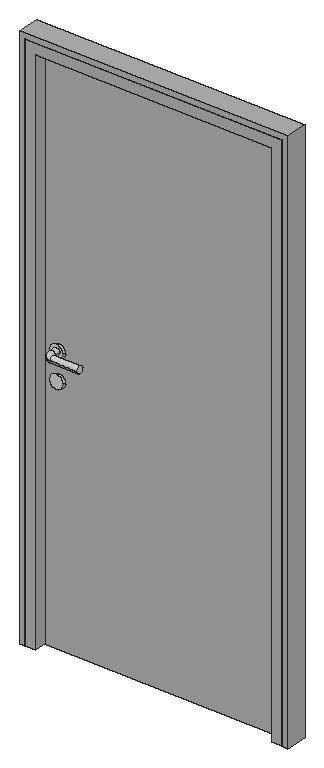
Revit family "kapelli-classik-gladkaya-belaya", category Двери, Revit 2017
Family settings
  Основа = Стена
  Номер OmniClass = 23.30.10.00
  Заголовок OmniClass = Doors
  Всегда вертикально = Да
  При загрузке вырезать с полостями = Нет
  Общий = Нет
  Точка расчета площади = Нет
Parameters (values of type "900х2000 левая")
  Функция = Наружные слои
  Угол плане 30 [instance] = yes
  Тип полотна двери = АС_АР_Дверь_Панель_Полотно : Глухое
  Сопротивление теплопередаче = 1.1510 (m²·K)/W  # constant formula
  Ручка двери = АС_Металл_KAPELLI
  Рама двери.Ширина справа = 50 mm
  Рама двери.Ширина слева = 50 mm
  Рама двери.Ширина внизу = 50 mm
  Рама двери.Ширина вверху = 50 mm
  Рама двери = АС_Двери_Панели_KAPELLI
  Полотно.Ширина = 900 mm
  Полотно.Толщина = 38 mm  # constant formula
  Полотно.Высота = 2000 mm  # constant formula
  Откосы.Ширина [instance] = 520 mm
  Fire Rating = ""
  Обозначение = "KAPELLI classic Гладкая белая"
  Наличник двери = АС_Двери_Панели_KAPELLI
  Наименование = "ДГ 21-10Л"
  Монтажный зазор.Верх [instance] = 20 mm
  Коробка.Ширина = 30 mm  # constant formula
  Коробка.Глубина = 80 mm
  Правая = no
  Полотно двери = АС_Двери_Панели_KAPELLI
  Наличник.Ширина [instance] = 70 mm  # constant formula
  Наличник.Толщина [instance] = 9 mm  # constant formula
  Наличник снаружи [instance] = no
  Наличник внутри [instance] = no
  Монтажный зазор.Боковой [instance] = 20 mm
  Звукоизоляция (дБ) = 33.3  # constant formula
  Вставка.Глубина [instance] = 0 mm
  Левая = not(Правая)  # yes
  Огибание наружных слоев [instance] = 0 mm
  Width [instance] = Rough Width + Монтажный зазор.Боковой * 2  # 1000 mm
  Thickness = Полотно.Толщина  # 38 mm
  Rough Width = Полотно.Ширина + Коробка.Ширина * 2  # 960 mm
  Rough Height = Полотно.Высота + Коробка.Ширина  # 2030 mm
  Model = ""
  Manufacturer = ""
  Wall Closure = (empty or 0)
  Height [instance] = Rough Height + Монтажный зазор.Верх  # 2050 mm
  Описание = "KAPELLI classic Гладкая белая"  # constant formula
  Тип конструкций = "Дверь композитная"
  Водопоглащение (%) = 0.213  # constant formula
  Вес в сборе (кг) = 21.9
  Аналитическая конструкция = "<Нет>"
Types (8, lengths in mm): name | Полотно.Ширина | Наименование | Монтажный зазор.Верх | Правая | Левая | Width | Rough Width | Height | Вес в сборе (кг)
  600х2000 левая | 600 | "ДГ 21-7Л" | 30 | no | yes | 700 | 660 | 2060 | 18.3
  600х2000 | 600 | "ДГ 21-7" | 20 | yes | no | 700 | 660 | 2050 | 18.3
  700х2000 левая | 700 | "ДГ 21-8Л" | 20 | no | yes | 800 | 760 | 2050 | 19.5
  700х2000 | 700 | "ДГ 21-8" | 20 | yes | no | 800 | 760 | 2050 | 19.5
  800х2000 левая | 800 | "ДГ 21-9Л" | 20 | no | yes | 900 | 860 | 2050 | 20.7
  800х2000 | 800 | "ДГ 21-9" | 20 | yes | no | 900 | 860 | 2050 | 20.7
  900х2000 левая | 900 | "ДГ 21-10Л" | 20 | no | yes | 1000 | 960 | 2050 | 21.9
  900х2000 | 900 | "ДГ 21-10" | 20 | yes | no | 1000 | 960 | 2050 | 21.9
Reference planes
  plane 1: y = 0
  plane 2 "По центру (Влево/Вправо)": x = 0
  plane 3 "Слева": x = -500
  plane 4 "Справа": x = 500
  plane 5: z = 2050
  plane 6 "Наружный": y = 300
  plane 7 "Внутренние": y = -300
  plane 8 "Вставка двери": y = 300
  plane 9 "Четверть сверху": z = 1900
  plane 10 "Полотно двери": y = 262
  plane 11 "Рама внутри": y = 220
  plane 12 "Монтажный зазор слева": x = -480
  plane 13 "Монтажный зазор справа": x = 480
  plane 14 "Монтажный зазор сверху": z = 2030
  plane 15 "Глубина огибания наружного слоя": y = 300
  plane 16: y = 309
  plane 17: y = -309
  plane 18: x = -450
  plane 19: x = 450
  plane 20: z = 1000
  plane 21 "Верх полотна": z = 2000
Forms (mm)
  Sweep 1, solid, material "АС_Двери_Панели_KAPELLI" <- "Наличник двери", visible <- "Наличник снаружи", detail levels fine
    path origin (0, 300, 0) x (1, 0, 0) y (0, 0, 1)
      loop
        line (-500, 0) -> (-500, 2050) -> (500, 2050) -> (500, 0)
    profile origin (-500, 300, 1025) x (-1, 0, 0) y (0, -1, 0)
      loop
        line (-20, 0) -> (-20, -4)
        arc (-20, -4) -> (-18.536, -7.536) -> (-15, -9) r 5
        line (-15, -9) -> (45, -9)
        arc (45, -9) -> (48.536, -7.536) -> (50, -4) r 5
        line (50, -4) -> (50, 0) -> (-20, 0)
  Sweep 2, solid, material "АС_Двери_Панели_KAPELLI" <- "Наличник двери", visible <- "Наличник внутри", detail levels fine
    path origin (0, -300, 0) x (1, 0, 0) y (0, 0, 1)
      loop
        line (-500, 0) -> (-500, 2050) -> (500, 2050) -> (500, 0)
    profile origin (-500, -300, 1025) x (-1, 0, 0) y (0, -1, 0)
      loop
        line (-20, 0) -> (50, 0) -> (50, 4)
        arc (50, 4) -> (48.536, 7.536) -> (45, 9) r 5
        line (45, 9) -> (-15, 9)
        arc (-15, 9) -> (-18.536, 7.536) -> (-20, 4) r 5
        line (-20, 4) -> (-20, 0)
  Sweep 3, solid, material "АС_Двери_Панели_KAPELLI" <- "Рама двери", detail levels medium+fine
    path origin (0, 300, 0) x (-1, 0, 0) y (0, 0, 1)
      loop
        line (480, 0) -> (480, 2030) -> (-480, 2030) -> (-480, 0)
    profile origin (480, 300, 1015) x (0, 1, 0) y (-1, 0, 0)
      loop
        line (0, 0) -> (0, 30) -> (-38, 30) -> (-38, 40) -> (-80, 40) -> (-80, 0) -> (0, 0)
  Sweep 4, solid, material "АС_Двери_Панели_KAPELLI" <- "Наличник двери", visible <- "Наличник внутри", detail levels fine
    path origin (0, 220, 0) x (-1, 0, 0) y (0, 0, 1)
      loop
        line (500, 0) -> (500, 2050) -> (-500, 2050) -> (-500, 0)
    profile origin (-500, 220, 1025) x (1, 0, 0) y (0, 1, 0)
      loop
        line (0, -524) -> (20, -524) -> (20, 0) -> (0, 0) -> (0, -524)
  Sweep 5, solid, material "АС_Двери_Панели_KAPELLI" <- "Наличник двери", visible <- "Наличник снаружи", detail levels fine
    path origin (0, 300, 0) x (-1, 0, 0) y (0, 0, 1)
      loop
        line (500, 0) -> (500, 2050) -> (-500, 2050) -> (-500, 0)
    profile origin (500, 300, 1025) x (0, 1, 0) y (-1, 0, 0)
      loop
        line (4, 0) -> (4, 20) -> (0, 20) -> (0, 0) -> (4, 0)
  Extrusion 6, solid, material "АС_Двери_Панели_KAPELLI" <- "Рама двери", detail levels medium+fine
    sketch origin (-2514.822, 300, 1200) x (-1, 0, 0) y (0, 0, 1)
      loop
        line (-3014.822, 850) -> (-3014.822, -1200) -> (-2994.822, -1200) -> (-2994.822, 830) -> (-2034.822, 830) -> (-2034.822, -1200) -> (-2014.822, -1200) -> (-2014.822, 850) -> (-3014.822, 850)
    from 0 to -80
  Extrusion 7, solid, material "АС_Двери_Панели_KAPELLI" <- "Полотно двери", detail levels coarse
    sketch origin (0, 0, 0) x (1, 0, 0) y (0, 1, 0)
      loop
        line (-500, 300) -> (-500, 220) -> (500, 220) -> (500, 300) -> (-500, 300)
    from 0 to 2050
Cuts and joins
  joined: Sweep 2, Sweep 4
  joined: Sweep 1, Sweep 5
Lines and regions (mm)
  Masking region 1, detail levels fine
    outline origin (0, 0, 0) x (0, 1, 0) y (0, 0, 1)
      loop
        line (220, 1990) -> (262, 1990) -> (262, 2000) -> (300, 2000) -> (300, 2030) -> (220, 2030) -> (220, 1990)
  Masking region 2, detail levels fine
    outline origin (0, 0, 0) x (0, 1, 0) y (0, 0, 1)
      loop
        line (300, 2030) -> (300, 2050) -> (220, 2050) -> (220, 2030) -> (300, 2030)
  Masking region 3, detail levels fine
    outline origin (0, 0, 0) x (0, 1, 0) y (0, 0, 1)
      loop
        line (300, 0) -> (300, 2000) -> (262, 2000) -> (262, 0) -> (300, 0)
  Masking region 4, detail levels fine
    outline origin (0, 0, 0) x (0, 1, 0) y (0, 0, 1)
      loop
        line (220, 1990) -> (220, 0) -> (262, 0) -> (262, 1990) -> (220, 1990)
  Masking region 5, detail levels coarse+medium
    outline origin (0, 0, 0) x (0, 1, 0) y (0, 0, 1)
      loop
        line (300, 0) -> (300, 2050) -> (220, 2050) -> (220, 0) -> (300, 0)
  Opening 1
    outline origin (-5000, -300, 0) x (1, 0, 0) y (0, 0, 1)
      loop
        line (5500, 2050) -> (4500, 2050) -> (4500, 0) -> (5500, 0) -> (5500, 2050)
  symbolic lines, style "Открывание", visible <- "Правая", detail levels medium
    curve 1: line (-450, 300, 0) -> (450, 300, 1000)
    curve 2: line (450, 300, 1000) -> (-450, 300, 2000)
  symbolic lines, style "Открывание", visible <- "Левая", detail levels medium
    curve 3: line (450, 300, 0) -> (-450, 300, 1000)
    curve 4: line (-450, 300, 1000) -> (450, 300, 2000)
Text (mm)
  text "Наружный" at (-2295.016, 1099.543, 0), in view "Опорный уровень "
  text "Наружный" at (0, 1615.38, 3698.081), in view "Слева"
  text "Наружный" at (0, 1036.032, 3874.932), in view "Справа"
Dimensions and locks
  equal spacing: plane 12 "Монтажный зазор слева", plane 2 "По центру (Влево/Вправо)", plane 13 "Монтажный зазор справа"
  "Width": plane 3 "Слева" to plane 4 "Справа"
  "Rough Height": host wall to plane 14 "Монтажный зазор сверху"
  "Height": host wall to plane 5
  locked: plane 6 "Наружный" to host wall at 0
  locked: plane 7 "Внутренние" to host wall
  plane 9 "Четверть сверху" to plane 5 = 150 mm
  "Вставка.Глубина": plane 6 "Наружный" to plane 8 "Вставка двери"
  "Коробка.Глубина": plane 8 "Вставка двери" to plane 11 "Рама внутри"
  "Thickness": plane 8 "Вставка двери" to plane 10 "Полотно двери"
  "Огибание наружных слоев": plane 6 "Наружный" to plane 15 "Глубина огибания наружного слоя"
  "Наличник.Ширина": Sweep 2 sketch curve to Sweep 2 sketch curve
  locked: Sweep 2 sketch curve to Sweep 2 sketch curve at 5  (x4)
  locked: Sweep 1 sketch curve to Sweep 1 sketch curve at 5
  "Коробка.Ширина": Sweep 3 sketch curve to profile plane
  locked: Sweep 3 sketch curve to Sweep 3 sketch curve at 10
  locked: Sweep 4 sketch curve to plane 17 at 5
  "Наличник.Толщина": plane 7 "Внутренние" to plane 17
  "Наличник.Толщина": plane 16 to plane 6 "Наружный"
  locked: plane 16 to Sweep 1 sketch curve at 5  (x2)
  locked: plane 16 to Sweep 5 sketch curve at 5
  "Откосы.Ширина": plane 7 "Внутренние" to plane 11 "Рама внутри"
  equal spacing: plane 3 "Слева", plane 2 "По центру (Влево/Вправо)", plane 4 "Справа"
  "Rough Width": plane 12 "Монтажный зазор слева" to plane 13 "Монтажный зазор справа"
  "Коробка.Ширина": plane 12 "Монтажный зазор слева" to plane 18
  "Коробка.Ширина": plane 19 to plane 13 "Монтажный зазор справа"
  equal spacing: level, plane 20, plane 21 "Верх полотна"
  "Коробка.Ширина": plane 21 "Верх полотна" to plane 14 "Монтажный зазор сверху"
  "Наличник.Ширина": Sweep 1 sketch curve to plane 12 "Монтажный зазор слева"
  locked: Sweep 1 sketch curve to plane 12 "Монтажный зазор слева" at 5
  aligned and locked: plane 1 to host wall
  aligned and locked: Sweep 2 sketch curve to plane 3 "Слева"
  aligned and locked: Sweep 2 sketch curve to plane 5
  aligned and locked: Sweep 2 sketch curve to plane 4 "Справа"
  aligned and locked: level to Sweep 2 sketch curve  (x2)
  aligned and locked: Sweep 2 sketch curve to plane 7 "Внутренние"
  aligned and locked: Sweep 3 sketch curve to plane 13 "Монтажный зазор справа"
  aligned and locked: Sweep 3 sketch curve to plane 14 "Монтажный зазор сверху"
  aligned and locked: Sweep 3 sketch curve to plane 12 "Монтажный зазор слева"
  aligned and locked: level to Sweep 3 sketch curve  (x2)
  aligned and locked: profile plane to Sweep 3 sketch curve
  aligned and locked: plane 11 "Рама внутри" to Sweep 3 sketch curve
  aligned and locked: plane 8 "Вставка двери" to Sweep 3 sketch curve
  aligned and locked: plane 10 "Полотно двери" to Sweep 3 sketch curve
  aligned and locked: Sweep 2 sketch curve to plane 12 "Монтажный зазор слева"
  aligned and locked: plane 3 "Слева" to Sweep 4 sketch curve
  aligned and locked: plane 5 to Sweep 4 sketch curve
  aligned and locked: plane 4 "Справа" to Sweep 4 sketch curve
  aligned and locked: level to Sweep 4 sketch curve  (x2)
  aligned and locked: Sweep 4 sketch curve to plane 3 "Слева"
  aligned and locked: Sweep 4 sketch curve to plane 12 "Монтажный зазор слева"
  aligned and locked: Sweep 4 sketch curve to plane 11 "Рама внутри"
  aligned and locked: profile plane to Sweep 1 sketch curve
  aligned and locked: level to Sweep 5 sketch curve  (x2)
  aligned and locked: plane 8 "Вставка двери" to Sweep 5 sketch curve
  aligned and locked: plane 17 to Sweep 2 sketch curve
  aligned and locked: plane 16 to Sweep 1 sketch curve
  aligned and locked: Masking region 1 sketch curve to Sweep 3  (x2)
  aligned and locked: plane 10 "Полотно двери" to Masking region 1 sketch curve
  aligned and locked: plane 11 "Рама внутри" to Masking region 1 sketch curve
  aligned and locked: plane 8 "Вставка двери" to Masking region 1 sketch curve
  aligned and locked: plane 14 "Монтажный зазор сверху" to Masking region 1 sketch curve
  aligned and locked: plane 8 "Вставка двери" to Masking region 2 sketch curve
  aligned and locked: plane 11 "Рама внутри" to Masking region 2 sketch curve
  aligned and locked: plane 14 "Монтажный зазор сверху" to Masking region 2 sketch curve
  aligned and locked: plane 5 to Masking region 2 sketch curve
  aligned and locked: plane 8 "Вставка двери" to Masking region 3 sketch curve
  aligned and locked: plane 10 "Полотно двери" to Masking region 3 sketch curve
  aligned and locked: level to Masking region 3 sketch curve
  aligned and locked: Masking region 3 sketch curve to Sweep 3
  aligned and locked: Masking region 4 sketch curve to Sweep 3
  aligned and locked: plane 11 "Рама внутри" to Masking region 4 sketch curve
  aligned and locked: plane 10 "Полотно двери" to Masking region 4 sketch curve
  aligned and locked: level to Masking region 4 sketch curve
  aligned and locked: plane 8 "Вставка двери" to Masking region 5 sketch curve
  aligned and locked: plane 11 "Рама внутри" to Masking region 5 sketch curve
  aligned and locked: plane 5 to Masking region 5 sketch curve
  aligned and locked: level to Masking region 5 sketch curve
  aligned and locked: Extrusion 6 sketch curve to plane 4 "Справа"
  aligned and locked: Extrusion 6 sketch curve to plane 3 "Слева"
  aligned and locked: Extrusion 6 sketch curve to plane 5
  aligned and locked: Extrusion 6 sketch curve to plane 14 "Монтажный зазор сверху"
  aligned and locked: Extrusion 6 sketch curve to plane 12 "Монтажный зазор слева"
  aligned and locked: Extrusion 6 sketch curve to plane 13 "Монтажный зазор справа"
  aligned and locked: Extrusion 6 sketch curve to level
  aligned and locked: Extrusion 6 to plane 11 "Рама внутри"
  aligned and locked: plane 8 "Вставка двери" to Extrusion 6
  aligned and locked: nested 1 to plane 8 "Вставка двери"
  aligned and locked: nested 1 to plane 3 "Слева"
  aligned and locked: nested 1 to plane 4 "Справа"
  aligned and locked: nested 2 to plane 4 "Справа"
  aligned and locked: nested 2 to plane 3 "Слева"
  aligned and locked: plane 8 "Вставка двери" to nested 2
  aligned and locked: nested 3 to plane 8 "Вставка двери"
  aligned and locked: nested 3 to plane 18
  aligned and locked: nested 3 to plane 19
  aligned and locked: nested 4 to plane 8 "Вставка двери"
  aligned and locked: nested 4 to plane 18
  aligned and locked: plane 8 "Вставка двери" to nested 5
  aligned and locked: nested 5 to plane 19
  aligned and locked: Extrusion 7 sketch curve to plane 8 "Вставка двери"
  aligned and locked: Extrusion 7 sketch curve to plane 11 "Рама внутри"
  aligned and locked: Extrusion 7 sketch curve to plane 4 "Справа"
  aligned and locked: Extrusion 7 sketch curve to plane 3 "Слева"
  aligned and locked: Extrusion 7 to level
  aligned and locked: Extrusion 7 to plane 5
  aligned and locked: curve 3 to Sweep 3
  aligned and locked: Sweep 3 to curve 1
  aligned and locked: plane 21 "Верх полотна" to curve 2
  aligned and locked: plane 21 "Верх полотна" to curve 4
  aligned and locked: plane 20 to curve 2
  aligned and locked: plane 20 to curve 4
  aligned and locked: level to curve 1
  aligned and locked: level to curve 3
  aligned and locked: plane 18 to curve 2
  aligned and locked: plane 19 to curve 4
  aligned and locked: plane 19 to curve 2
  aligned and locked: plane 18 to curve 4
  aligned and locked: plane 3 "Слева" to Sweep 1 sketch curve
  aligned and locked: plane 4 "Справа" to Sweep 1 sketch curve
  aligned and locked: plane 5 to Sweep 1 sketch curve
  aligned and locked: Sweep 1 sketch curve to plane 12 "Монтажный зазор слева"
  aligned and locked: Sweep 5 sketch curve to plane 3 "Слева"
  aligned and locked: Sweep 5 sketch curve to plane 4 "Справа"
  aligned and locked: plane 5 to Sweep 5 sketch curve
  aligned and locked: plane 4 "Справа" to Sweep 5 sketch curve
  aligned and locked: Sweep 5 sketch curve to plane 13 "Монтажный зазор справа"
  aligned and locked: plane 4 "Справа" to Opening 1 sketch curve
  aligned and locked: plane 3 "Слева" to Opening 1 sketch curve
  aligned and locked: plane 5 to Opening 1 sketch curve
  aligned and locked: level to Opening 1 sketch curve
Automatic sketch dimensions
  Sweep 1 sketch curve to level = 0 mm  (x2)
  Extrusion 6 sketch curve to level = 0 mm
Nested families
  nested 1: "АС_АР_Дверь_Однопольная_ОбозначениеНаПлане_2D" at (0, 300, 0), Height <- "Height", Rough Width <- "Rough Width", Thickness <- "Thickness", Коробка.Толщина <- "Коробка.Глубина", Полотно.Ширина <- "Полотно.Ширина", visible <- "Левая", Width <- "Width", type "АС-Стандарт"
    with Полотно.Ширина 900 mm, Коробка.Толщина 80 mm, Width 1000 mm, Thickness 38 mm, Rough Width 960 mm, Height 2050 mm, Открывание двери 90 no, Открывание двери 30 yes, Линия открывания (дуга) no
  nested 2: "АС_АР_Дверь_Однопольная_ОбозначениеНаПлане_2D" at (0, 300, 0) x (-1, 0, 0) z (0, 0, 1), Height <- "Height", Rough Width <- "Rough Width", Thickness <- "Thickness", Коробка.Толщина <- "Коробка.Глубина", Полотно.Ширина <- "Полотно.Ширина", visible <- "Правая", Width <- "Width", type "АС-Стандарт"
    with Полотно.Ширина 900 mm, Коробка.Толщина 80 mm, Width 1000 mm, Thickness 38 mm, Rough Width 960 mm, Height 2050 mm, Открывание двери 90 no, Открывание двери 30 yes, Линия открывания (дуга) no
  nested 3: "АС_АР_Дверь_Панель_Полотно" at (-50, 300, 0), Рама.Ширина справа <- "Рама двери.Ширина справа", Рама.Ширина слева <- "Рама двери.Ширина слева", Рама.Ширина внизу <- "Рама двери.Ширина внизу", Рама.Ширина вверху <- "Рама двери.Ширина вверху", Полотно двери.Толщина <- "Thickness", Полотно двери.Высота <- "Полотно.Высота", Полотно двери.Ширина <- "Полотно.Ширина", type <- "Тип полотна двери", Фурнитура <- "Ручка двери", Полотно двери <- "Полотно двери", type "Глухое"
    with Фурнитура АС_Металл_KAPELLI, Рама.Ширина справа 50 mm, Рама.Ширина слева 50 mm, Рама.Ширина внизу 50 mm, Рама.Ширина вверху 50 mm, Полотно двери.Ширина 900 mm, Полотно двери.Толщина 38 mm, Полотно двери.Высота 2000 mm, Полотно двери АС_Двери_Панели_KAPELLI, Остекление двери none
  nested 4: "АС_АР_Дверь_Фурнитура_РучкаДвери" at (-450, 300, 0), Полотно двери.Толщина <- "Thickness", visible <- "Левая", Ручка двери <- "Ручка двери", type "АС-Стандарт"
    with Ручка двери АС_Металл_KAPELLI, Полотно двери.Толщина 38 mm, Отступ ручки от края 60 mm
  nested 5: "АС_АР_Дверь_Фурнитура_РучкаДвери" at (450, 300, 0) x (-1, 0, 0) z (0, 0, 1), Полотно двери.Толщина <- "Thickness", visible <- "Правая", Ручка двери <- "Ручка двери", type "АС-Стандарт"
    with Ручка двери АС_Металл_KAPELLI, Полотно двери.Толщина 38 mm, Отступ ручки от края 60 mm
Definition of nested family "АС_АР_Дверь_Панель_Полотно"
  Parameters
    Фурнитура [instance] = none
    Рама.Ширина справа [instance] = 50 mm
    Рама.Ширина слева [instance] = 50 mm
    Рама.Ширина внизу [instance] = 50 mm
    Рама.Ширина вверху [instance] = 50 mm
    Остекленное = not(Глухое)  # no
    Полотно двери.Ширина [instance] = 1000 mm
    Полотно двери.Толщина [instance] = 40 mm
    Полотно двери.Высота [instance] = 2100 mm
    Полотно двери [instance] = none
    Глухое = yes
    Остекление двери [instance] = none
    Default Elevation = 0 mm
  Reference planes
    plane 1 "Center (Front/Back)": y = 0
    plane 2: z = 0
    plane 3 "Center (Left/Right)": x = 0
    plane 4: x = -500
    plane 5: x = 500
    plane 6 "Back": y = -40
    plane 7: z = 2100
    plane 8 "Остекление снаружи": y = -8
    plane 9 "Остекление внутри": y = -32
    plane 10 "Ширина рамы справа": x = -450
    plane 11 "Ширина рамы слева": x = 450
    plane 12 "Ширина рамы внизу": z = 50
    plane 13 "Ширина рамы вверху": z = 2050
  Forms (mm)
    Extrusion 1, solid, material <- "Полотно двери", visible <- "Глухое", detail levels medium+fine
      sketch origin (0, 0, 0) x (1, 0, 0) y (0, 0, 1)
        loop
          line (-500, 2100) -> (-500, 0) -> (500, 0) -> (500, 2100) -> (-500, 2100)
      from 0 to 40 <- "Полотно двери.Толщина"
    Extrusion 2, solid, material <- "Полотно двери", visible <- "Остекленное", detail levels medium+fine
      sketch origin (0, 0, 0) x (1, 0, 0) y (0, 0, 1)
        loop
          line (-500, 2100) -> (-500, 0) -> (500, 0) -> (500, 2100) -> (-500, 2100)
        loop
          line (-450, 50) -> (450, 50) -> (450, 2050) -> (-450, 2050) -> (-450, 50)
      from 0 to 40
    Extrusion 3, solid, material <- "Остекление двери", visible <- "Остекленное", detail levels medium+fine
      sketch origin (-646.608, -8, 1200) x (-1, 0, 0) y (0, 0, 1)
        loop
          line (-196.608, 850) -> (-1096.608, 850) -> (-1096.608, -1150) -> (-196.608, -1150) -> (-196.608, 850)
      from 0 to -24
  Dimensions and locks
    "Полотно двери.Толщина": plane 1 "Center (Front/Back)" to plane 6 "Back"
    equal spacing: plane 4, plane 3 "Center (Left/Right)", plane 5
    "Полотно двери.Ширина": plane 4 to plane 5
    "Полотно двери.Высота": plane 7 to plane 2
    locked: plane 9 "Остекление внутри" to plane 6 "Back" at 8
    locked: plane 1 "Center (Front/Back)" to plane 8 "Остекление снаружи" at 8
    "Рама.Ширина вверху": plane 7 to plane 13 "Ширина рамы вверху"
    "Рама.Ширина внизу": plane 12 "Ширина рамы внизу" to plane 2
    "Рама.Ширина справа": plane 5 to plane 11 "Ширина рамы слева"
    "Рама.Ширина слева": plane 10 "Ширина рамы справа" to plane 4
    plane 7 to plane 2 = 2100 mm
    aligned and locked: level to plane 2
    aligned and locked: Extrusion 1 sketch curve to plane 7
    aligned and locked: plane 4 to Extrusion 1 sketch curve
    aligned and locked: plane 2 to Extrusion 1 sketch curve
    aligned and locked: Extrusion 1 sketch curve to plane 5
    aligned and locked: Extrusion 1 to plane 1 "Center (Front/Back)"
    aligned and locked: Extrusion 1 to plane 6 "Back"
    aligned and locked: Extrusion 2 sketch curve to plane 4
    aligned and locked: Extrusion 2 sketch curve to plane 5
    aligned and locked: Extrusion 2 sketch curve to plane 7
    aligned and locked: Extrusion 2 sketch curve to plane 2
    aligned and locked: Extrusion 2 sketch curve to plane 12 "Ширина рамы внизу"
    aligned and locked: Extrusion 2 sketch curve to plane 10 "Ширина рамы справа"
    aligned and locked: Extrusion 2 sketch curve to plane 11 "Ширина рамы слева"
    aligned and locked: Extrusion 2 sketch curve to plane 13 "Ширина рамы вверху"
    aligned and locked: Extrusion 2 to plane 1 "Center (Front/Back)"
    aligned and locked: Extrusion 2 to plane 6 "Back"
    aligned and locked: plane 10 "Ширина рамы справа" to Extrusion 3 sketch curve
    aligned and locked: plane 11 "Ширина рамы слева" to Extrusion 3 sketch curve
    aligned and locked: plane 13 "Ширина рамы вверху" to Extrusion 3 sketch curve
    aligned and locked: plane 12 "Ширина рамы внизу" to Extrusion 3 sketch curve
    aligned and locked: Extrusion 3 to plane 8 "Остекление снаружи"
    aligned and locked: Extrusion 3 to plane 9 "Остекление внутри"
    aligned and locked: plane 7 to Extrusion 2
    aligned and locked: plane 4 to Extrusion 2
Definition of nested family "АС_АР_Дверь_Фурнитура_РучкаДвери"
  Parameters
    Ручка двери [instance] = none
    Полотно двери.Толщина [instance] = 40 mm
    Отступ ручки от края = 100 mm
    Высота расположения ручки = 1000 mm
    Default Elevation = 0 mm
  Reference planes
    plane 1 "Наружная сторона полотна": y = 0
    plane 2: z = 0
    plane 3 "Край полотна": x = 0
    plane 4 "Вертикаль расположения": x = 100
    plane 5 "Горизонталь расположения": z = 1000
    plane 6 "Внутренняя сторона полотна": y = -40
  Forms (mm)
    Sweep 1, solid, material <- "Ручка двери", detail levels fine
      path origin (0, 0, 1000) x (1, 0, 0) y (0, 1, 0)
        loop
          line (220, 50) -> (120, 50)
          arc (120, 50) -> (105.858, 44.142) -> (100, 30) r 20
          line (100, 30) -> (100, -70)
          arc (100, -70) -> (105.858, -84.142) -> (120, -90) r 20
          line (120, -90) -> (220, -90)
      profile origin (100, -20, 1000) x (1, 0, 0) y (0, 0, 1)
        loop
          circle (0, 0) r 12
    Extrusion 2, solid, material <- "Ручка двери", detail levels fine
      sketch origin (155, 0, 0) x (1, 0, 0) y (0, 0, 1)
        loop
          circle (-55, 1000) r 25
      from 48 to -8
    Extrusion 3, solid, material <- "Ручка двери", detail levels fine
      sketch origin (0, 0, 0) x (1, 0, 0) y (0, 0, 1)
        loop
          circle (100, 900) r 25
      from 48 to -8
  Cuts and joins
    joined: Sweep 1, Extrusion 2
  Dimensions and locks
    "Отступ ручки от края": plane 3 "Край полотна" to plane 4 "Вертикаль расположения"
    "Высота расположения ручки": plane 5 "Горизонталь расположения" to level
    "Полотно двери.Толщина": plane 1 "Наружная сторона полотна" to plane 6 "Внутренняя сторона полотна"
    locked: plane 1 "Наружная сторона полотна" to Extrusion 3 at 8
    locked: plane 1 "Наружная сторона полотна" to Extrusion 2 at 8
    locked: plane 6 "Внутренняя сторона полотна" to Extrusion 3 at 8
    locked: plane 6 "Внутренняя сторона полотна" to Extrusion 2 at 8
    locked: plane 4 "Вертикаль расположения" to Extrusion 2 sketch curve at 0
    locked: plane 5 "Горизонталь расположения" to Extrusion 2 sketch curve at 0
    locked: Extrusion 3 sketch curve to plane 5 "Горизонталь расположения" at 100
    locked: Extrusion 3 sketch curve to plane 4 "Вертикаль расположения"
    locked: plane 1 "Наружная сторона полотна" to Sweep 1 sketch curve at 50
    locked: plane 6 "Внутренняя сторона полотна" to Sweep 1 sketch curve at 50
    locked: plane 4 "Вертикаль расположения" to Sweep 1 sketch curve at 120  (x2)
    locked: Sweep 1 sketch curve to plane 5 "Горизонталь расположения"
    locked: plane 4 "Вертикаль расположения" to Sweep 1 sketch curve at 0
    aligned and locked: Sweep 1 sketch curve to plane 4 "Вертикаль расположения"
  Automatic sketch dimensions
    plane 4 "Вертикаль расположения" to Sweep 1 sketch curve = 20 mm  (x2)
    radius of Sweep 1 sketch curve = 12 mm
    radius of Extrusion 2 sketch curve = 25 mm
    radius of Extrusion 3 sketch curve = 25 mm
Definition of nested family "АС_АР_Дверь_Однопольная_ОбозначениеНаПлане_2D"
  Parameters
    Полотно.Ширина [instance] = 900 mm
    Открывание двери 90 = not(Открывание двери 30)  # yes
    Открывание двери 30 = no
    Линия открывания (дуга) = not(Открывание двери 30)  # yes
    Коробка.Толщина [instance] = 80 mm
    Width [instance] = 1000 mm
    Thickness [instance] = 40 mm
    Rough Width [instance] = 960 mm
    Height [instance] = 2100 mm
    Default Elevation = 0 mm
  Reference planes
    plane 1 "Center (Front/Back)": y = 0
    plane 2: z = 0
    plane 3 "Center (Left/Right)": x = 0
    plane 4 "Полотно.Слева": x = -480
    plane 5 "Полотно справа": x = 480
    plane 6 "Проем.Слева": x = -500
    plane 7 "Проем.Справа": x = 500
    plane 8 "Полотно. Внутренняя сторона": y = -40
    plane 9 "Коробка. Внутренняя сторона": y = -80
    plane 10 "Коробка.Внутренняя сторона слева": x = -450
    plane 11 "Коробка. Внутренняя сторона справа": x = 450
  Lines and regions (mm)
    Masking region 1, detail levels fine
      outline origin (0, 0, 0) x (1, 0, 0) y (0, 1, 0)
        loop
          line (-500, -80) -> (-480, -80) -> (-480, 0) -> (-500, 0) -> (-500, -80)
    Masking region 2, detail levels fine
      outline origin (0, 0, 0) x (1, 0, 0) y (0, 1, 0)
        loop
          line (500, -80) -> (500, 0) -> (480, 0) -> (480, -80) -> (500, -80)
    Masking region 3, detail levels fine
      outline origin (0, 0, 0) x (1, 0, 0) y (0, 1, 0)
        loop
          line (-480, 0) -> (-480, -80) -> (-440, -80) -> (-440, -40) -> (-450, -40) -> (-450, 0) -> (-480, 0)
    Masking region 4, detail levels fine
      outline origin (0, 0, 0) x (1, 0, 0) y (0, 1, 0)
        loop
          line (480, 0) -> (450, 0) -> (450, -40) -> (440, -40) -> (440, -80) -> (480, -80) -> (480, 0)
    Masking region 5, visible <- "Открывание двери 90", detail levels fine
      outline origin (0, 0, 0) x (1, 0, 0) y (0, 1, 0)
        loop
          line (450, 0) -> (450, 900) -> (410, 900) -> (410, 0) -> (450, 0)
    Masking region 6, visible <- "Открывание двери 30", detail levels fine
      outline origin (0, 0, 0) x (1, 0, 0) y (0, 1, 0)
        loop
          line (450, 0) -> (-329.423, 450) -> (-349.423, 415.359) -> (430, -34.641) -> (450, 0)
    symbolic lines, visible <- "Открывание двери 30", detail levels coarse+medium
      curve 1: line (500, 0, 0) -> (-366.025, 500, 0)
    symbolic lines, visible <- "Открывание двери 90", detail levels coarse+medium
      curve 2: line (500, 0, 0) -> (500, 1000, 0)
    symbolic lines, visible <- "Линия открывания (дуга)", detail levels coarse+medium
      curve 3: arc (500, 1000, 0) -> (-207.107, 707.107, 0) -> (-500, 0, 0) r 1000
    symbolic lines, visible <- "Линия открывания (дуга)", detail levels fine
      curve 4: arc (-450, 0, 0) -> (-186.396, 636.396, 0) -> (450, 900, 0) r 900
    model lines
      curve 5: line (0, 0, 0) -> (0, 0, 2100)
  Dimensions and locks
    "Thickness": plane 1 "Center (Front/Back)" to plane 8 "Полотно. Внутренняя сторона"
    equal spacing: plane 4 "Полотно.Слева", plane 3 "Center (Left/Right)", plane 5 "Полотно справа"
    equal spacing: plane 6 "Проем.Слева", plane 3 "Center (Left/Right)", plane 7 "Проем.Справа"
    "Width": plane 6 "Проем.Слева" to plane 7 "Проем.Справа"
    "Rough Width": plane 4 "Полотно.Слева" to plane 5 "Полотно справа"
    plane 1 "Center (Front/Back)" to plane 9 "Коробка. Внутренняя сторона" = 80 mm
    "Коробка.Толщина": plane 9 "Коробка. Внутренняя сторона" to plane 1 "Center (Front/Back)"
    equal spacing: plane 10 "Коробка.Внутренняя сторона слева", plane 3 "Center (Left/Right)", plane 11 "Коробка. Внутренняя сторона справа"
    "Полотно.Ширина": plane 10 "Коробка.Внутренняя сторона слева" to plane 11 "Коробка. Внутренняя сторона справа"
    "Width": curve 1 to curve 1
    "Width": plane 1 "Center (Front/Back)" to curve 2
    locked: plane 10 "Коробка.Внутренняя сторона слева" to Masking region 3 sketch curve at 10
    locked: Masking region 4 sketch curve to Masking region 4 sketch curve at 10
    "Полотно.Ширина": plane 1 "Center (Front/Back)" to Masking region 5 sketch curve
    "Thickness": Masking region 5 sketch curve to plane 11 "Коробка. Внутренняя сторона справа"
    "Полотно.Ширина": Masking region 6 sketch curve to Masking region 6 sketch curve
    "Thickness": Masking region 6 sketch curve to Masking region 6 sketch curve
    "Height": curve 5 to level
    "Width": radius of curve 3
    "Полотно.Ширина": radius of curve 4
    locked: curve 1 to plane 1 "Center (Front/Back)" (angle 30.00°)
    locked: Masking region 6 sketch curve to plane 1 "Center (Front/Back)" (angle 30.00°)
    aligned and locked: level to plane 2
    aligned and locked: plane 7 "Проем.Справа" to curve 2
    aligned and locked: plane 1 "Center (Front/Back)" to curve 2
    aligned and locked: Masking region 1 sketch curve to plane 9 "Коробка. Внутренняя сторона"
    aligned and locked: plane 6 "Проем.Слева" to Masking region 1 sketch curve
    aligned and locked: Masking region 1 sketch curve to plane 1 "Center (Front/Back)"
    aligned and locked: plane 4 "Полотно.Слева" to Masking region 1 sketch curve
    aligned and locked: plane 9 "Коробка. Внутренняя сторона" to Masking region 2 sketch curve
    aligned and locked: Masking region 2 sketch curve to plane 7 "Проем.Справа"
    aligned and locked: plane 1 "Center (Front/Back)" to Masking region 2 sketch curve
    aligned and locked: plane 5 "Полотно справа" to Masking region 2 sketch curve
    aligned and locked: Masking region 3 sketch curve to plane 4 "Полотно.Слева"
    aligned and locked: Masking region 3 sketch curve to plane 10 "Коробка.Внутренняя сторона слева"
    aligned and locked: Masking region 3 sketch curve to plane 1 "Center (Front/Back)"
    aligned and locked: Masking region 3 sketch curve to plane 9 "Коробка. Внутренняя сторона"
    aligned and locked: Masking region 3 sketch curve to plane 8 "Полотно. Внутренняя сторона"
    aligned and locked: Masking region 4 sketch curve to plane 5 "Полотно справа"
    aligned and locked: Masking region 4 sketch curve to plane 11 "Коробка. Внутренняя сторона справа"
    aligned and locked: Masking region 4 sketch curve to plane 9 "Коробка. Внутренняя сторона"
    aligned and locked: Masking region 4 sketch curve to plane 8 "Полотно. Внутренняя сторона"
    aligned and locked: Masking region 4 sketch curve to plane 1 "Center (Front/Back)"
    aligned and locked: curve 4 to Masking region 3
    aligned and locked: plane 11 "Коробка. Внутренняя сторона справа" to curve 4
    aligned and locked: Masking region 4 to Masking region 5 sketch curve
    aligned and locked: Masking region 5 sketch curve to Masking region 4
    aligned and locked: plane 11 "Коробка. Внутренняя сторона справа" to Masking region 6 sketch curve
    aligned and locked: plane 2 to curve 5
    aligned and locked: plane 3 "Center (Left/Right)" to curve 5
  Automatic sketch dimensions
    plane 1 "Center (Front/Back)" to Masking region 6 sketch curve = 0 mm
